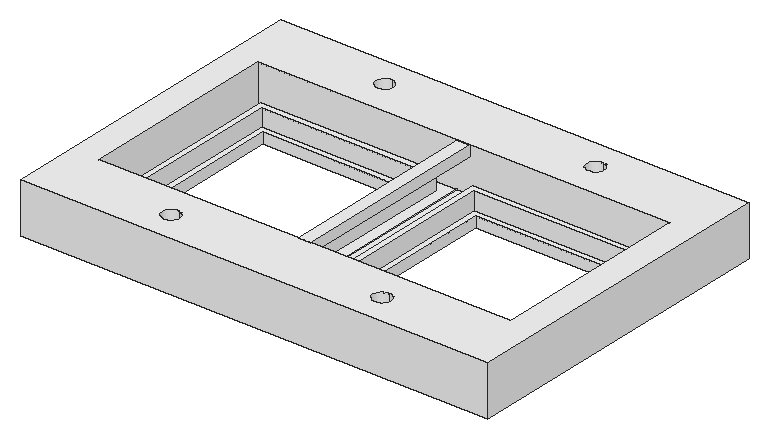
Revit family "Gira_021267", category Electrical Fixtures, host Face, Revit 2017
Family settings
  Host = Face
  Maintain Annotation Orientation = No
  Round Connector Dimension = Use Diameter
  Part Type = Normal
  Cut with Voids When Loaded = No
  Shared = No
  Room Calculation Point = No
Parameters (values of type "Abdeckrahmen 2f Gira TX_44 (WG UP) Anthrazit")
  Werkstoffgüte = "Thermoplast"
  Werkstoff = "Kunststoff"
  URL = "http://katalog.gira.de/de_DE/datenblatt.html?artikelnr=021267"
  Transparent = "No"
  Textfeld/Beschriftungsfläche = "No"
  Schutzart (IP) = "IP44"
  Region = "DE"
  Oberfläche = "lackiert"
  Name = "Abdeckrahmen 2f Gira TX_44 (WG UP) Anthrazit"
  Montagerichtung = "horizontal und vertikal"
  Mit Montagerahmen = "No"
  Mit Klappdeckel = "No"
  Manufacturer URL = "https://www.gira.de/"
  Keynote = "TX44_Rahmen_2fach"
  HeinzeBIM = "https://bimportal.heinze.de/bim/abdeckrahmen-2f-gira-tx-44-wg-up-anthrazit/a7923dc21dd9dc17ef88902b560a82a0d54c9aa1"
  Halogenfrei = "No"
  HAN = "021267"
  Geeignet für Unterputz-Installation = "Yes"
  Geeignet für Unterflurkanaldose = "No"
  Geeignet für Geräteeinbaukanal = "No"
  Geeignet für Einbauinstallation = "No"
  GTIN = "4010337212676"
  Farbe = "anthrazit"
  Default Elevation = 1219.2 mm
  Data sheet (1) = "https://katalog.gira.de/de_DE/download.html?artikelnr=021267"
  Category = "Abdeckrahmen"
  Befestigungsart = "Klemmbefestigung"
  Available = "Yes"
  Anzahl der Einheiten vertikal = "2 "
  Anzahl der Einheiten horizontal = "2 "
  Anzahl der Einheiten = "2 "
Reference planes
  plane 1 "Center (Front/Back)": y = 0
  plane 2: z = 0
  plane 3 "Center (Left/Right)": x = 0
  plane 4: x = 78.75
  plane 5: x = 2
  plane 6: x = -2
Forms (mm)
  Extrusion 1, solid, material "White", detail levels fine
    sketch origin (-35.841, 0, 0) x (0, -1, 0) y (1, 0, 0)
      loop
        line (-54.959, 114.591) -> (-54.959, -42.909) -> (54.959, -42.909) -> (54.959, 114.591) -> (-54.959, 114.591)
      loop
        line (-33.5, -33.5) -> (33.5, -33.5) -> (33.5, 105.183) -> (-33.5, 105.183) -> (-33.5, -33.5)
      loop
        circle (-45, -0.006) r 3
      loop
        circle (44.992, 0.001) r 3
      loop
        circle (-45, 71.094) r 3
      loop
        circle (44.992, 71.101) r 3
    from 0 to 16.9
  Extrusion 2, solid, material "White", detail levels fine
    sketch origin (-35.841, 0, 0) x (0, -1, 0) y (1, 0, 0)
      loop
        line (-25.5, 25.5) -> (-25.5, -25.5) -> (25.5, -25.5) -> (25.5, 25.5) -> (-25.5, 25.5)
      loop
        line (-33.5, 33.5) -> (-33.5, -33.5) -> (33.5, -33.5) -> (33.5, 33.5) -> (-33.5, 33.5)
    from -1.6 to 2
  Extrusion 3, solid, material "White", detail levels fine
    sketch origin (-35.841, 0, 0) x (0, -1, 0) y (1, 0, 0)
      loop
        line (-27.5, 27.5) -> (-27.5, -27.5) -> (27.5, -27.5) -> (27.5, 27.5) -> (-27.5, 27.5)
      loop
        line (-29.5, 29.5) -> (-29.5, -29.5) -> (29.5, -29.5) -> (29.5, 29.5) -> (-29.5, 29.5)
    from 2 to 7.8
  Extrusion 4, solid, material "White", detail levels coarse+medium
    sketch origin (-35.841, 0, 0) x (0, -1, 0) y (1, 0, 0)
      loop
        line (-54.959, 114.591) -> (-54.959, -42.909) -> (54.959, -42.909) -> (54.959, 114.591) -> (-54.959, 114.591)
    from -1.6 to 16.9
  Extrusion 5, solid, material "White", detail levels fine
    sketch origin (35.841, 0, 0) x (0, -1, 0) y (1, 0, 0)
      loop
        line (-25.5, 25.5) -> (-25.5, -25.5) -> (25.5, -25.5) -> (25.5, 25.5) -> (-25.5, 25.5)
      loop
        line (-33.5, 33.5) -> (-33.5, -33.5) -> (33.5, -33.5) -> (33.5, 33.5) -> (-33.5, 33.5)
    from -1.6 to 2
  Extrusion 6, solid, material "White", detail levels fine
    sketch origin (35.841, 0, 0) x (0, -1, 0) y (1, 0, 0)
      loop
        line (-27.5, 27.5) -> (-27.5, -27.5) -> (27.5, -27.5) -> (27.5, 27.5) -> (-27.5, 27.5)
      loop
        line (-29.5, 29.5) -> (-29.5, -29.5) -> (29.5, -29.5) -> (29.5, 29.5) -> (-29.5, 29.5)
    from 2 to 7.8
  Extrusion 7, solid, material "White", detail levels fine
    sketch origin (-35.841, 0, 0) x (0, -1, 0) y (1, 0, 0)
      loop
        line (-33.5, 38.183) -> (-33.5, 33.5) -> (33.5, 33.5) -> (33.5, 38.183) -> (-33.5, 38.183)
    from 0 to 2
  Extrusion 8, solid, material "White", detail levels fine
    sketch origin (-35.841, 0, 0) x (0, -1, 0) y (1, 0, 0)
      loop
        line (-33.5, 37.841) -> (-33.5, 33.841) -> (33.5, 33.841) -> (33.5, 37.841) -> (-33.5, 37.841)
    from 13.4 to 16.9
Dimensions and locks
  aligned and locked: plane 2 to host face
  aligned and locked: level to host face
